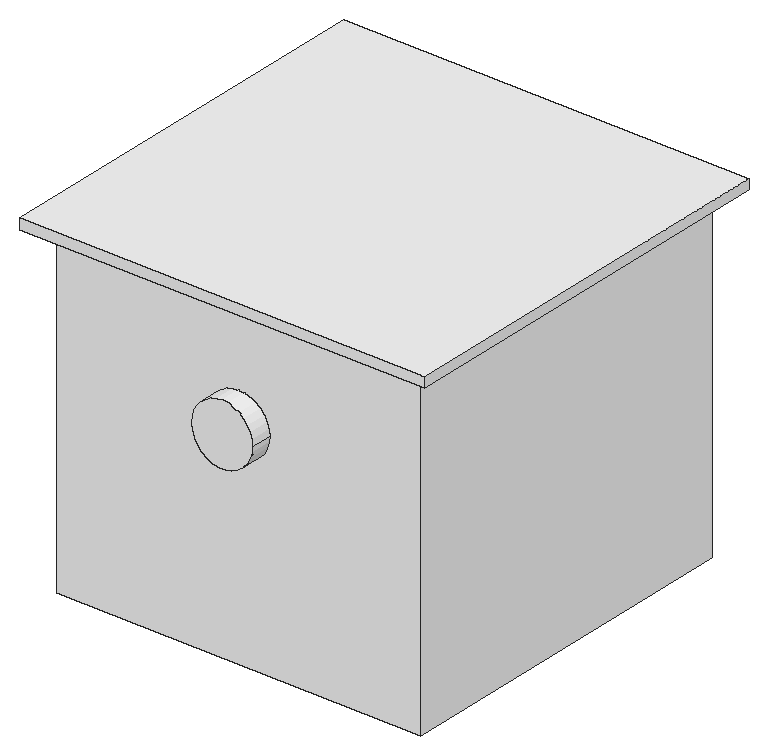
Revit family "Plumbing Fixture-Grease_Interseptor_Mifab_MI-SOLID-L", category Plumbing Fixtures, host Face, Revit 2013
Parameters
  Water Capacity = "6.28 Gallons"
  WFU = 0
  URL = "www.mifab.com"
  Model = "MI-SOLID-L"
  Manufacturer = "MIFAB"
  Interceptor Material = Acid Resistant Epoxy Coated Green
  Grease Capacity = "70 lbs"
  Flow Rate = "30 GPM"
  Description = "Large Solids Interceptor"
  Default Elevation = 0.000"
  Assembly Code = "D2090300"
Reference planes (in)
  plane 1 "Center (Front/Back)": y = 0
  plane 2: z = 0
  plane 3 "Center (Left/Right)": x = 0
  plane 4: x = -9.875
  plane 5: y = -9.875
  plane 6: y = 9.875
  plane 7: x = 9.875
  plane 8: z = -6
  plane 9: z = -16.5
  plane 10: z = -0.1345
Forms (in)
  Extrusion 1, solid, material "Acid Resistant Epoxy Coated Green" <- "Interceptor Material"
    sketch origin (0, 0, 0) x (1, 0, 0) y (0, 1, 0)
      loop
        line (-9.875, 9.875) -> (-9.875, -9.875) -> (9.875, -9.875) -> (9.875, 9.875) -> (-9.875, 9.875)
    from 0 to -0.5
  Extrusion 2, solid, material "Acid Resistant Epoxy Coated Green" <- "Interceptor Material"
    sketch origin (0, 0, 0) x (1, 0, 0) y (0, 1, 0)
      loop
        line (-8.875, 8.875) -> (-8.875, -8.875) -> (8.875, -8.875) -> (8.875, 8.875) -> (-8.875, 8.875)
    from 0 to -16.5
  Extrusion 3, solid, material "Acid Resistant Epoxy Coated Green" <- "Interceptor Material"
    sketch origin (0, 0, 0) x (1, 0, 0) y (0, 0, 1)
      loop
        circle (0, -6) r 1.5
    from 0 to 9.875
  Extrusion 4, solid, material "Acid Resistant Epoxy Coated Green" <- "Interceptor Material"
    sketch origin (0, 0, 0) x (1, 0, 0) y (0, 0, 1)
      loop
        circle (0, -12.5) r 1.5
    from 0 to -9.875
Cuts and joins
  joined: Extrusion 1, Extrusion 2, Extrusion 3, Extrusion 4
Lines and regions (in)
  symbolic lines
    curve 1: line (-9.875, 9.875, 0) -> (9.875, 9.875, 0)
    curve 2: line (-9.875, -9.875, 0) -> (-9.875, 9.875, 0)
    curve 3: line (9.875, -9.875, 0) -> (-9.875, -9.875, 0)
    curve 4: line (9.875, 9.875, 0) -> (9.875, -9.875, 0)
Dimensions and locks (in)
  equal spacing: plane 4, plane 3 "Center (Left/Right)", plane 7
  equal spacing: plane 6, plane 1 "Center (Front/Back)", plane 5
  equal spacing: Extrusion 2 sketch curve, plane 3 "Center (Left/Right)", Extrusion 2 sketch curve
  equal spacing: Extrusion 2 sketch curve, plane 1 "Center (Front/Back)", Extrusion 2 sketch curve
  Extrusion 2 sketch curve to plane 6 = 1.000"
  plane 4 to Extrusion 2 sketch curve = 1.000"
  locked: host face to plane 10 at 0.1345
  locked: plane 6 to plane 5 at 19.75
  locked: plane 4 to plane 7 at 19.75
  locked: host face to plane 8 at 6
  host face to Extrusion 4 sketch curve = 12.500"
  locked: host face to plane 9 at 16.5
  diameter of Extrusion 4 sketch curve = 3.000"
  diameter of cut or joined group of Extrusion 1, Extrusion 2, Extrusion 3, Extrusion 4 = 3.000"
  aligned and locked: plane 2 to host face
  aligned and locked: level to host face
  aligned and locked: Extrusion 1 sketch curve to plane 6
  aligned and locked: plane 4 to Extrusion 1 sketch curve
  aligned and locked: plane 5 to Extrusion 1 sketch curve
  aligned and locked: Extrusion 1 sketch curve to plane 7
  aligned and locked: Extrusion 3 to plane 5
  aligned and locked: Extrusion 3 to cut or joined group of Extrusion 1, Extrusion 2, Extrusion 3, Extrusion 4
  aligned and locked: Extrusion 3 to plane 1 "Center (Front/Back)"
  aligned and locked: plane 6 to Extrusion 4
  aligned and locked: curve 1 to plane 6
  aligned and locked: plane 4 to curve 2
  aligned and locked: plane 5 to curve 3
  aligned and locked: curve 4 to plane 7
Automatic sketch dimensions
  host sketch curve to host sketch curve = 44.23313"
  host sketch curve to host sketch curve = 44.24739"
  Extrusion 3 sketch curve to plane 3 "Center (Left/Right)" = 0.000"
  Extrusion 3 sketch curve to plane 8 = 0.000"
  Extrusion 4 sketch curve to plane 3 "Center (Left/Right)" = 0.000"
  radius of Extrusion 3 sketch curve = 1.500"
Connectors (in)
  piping at (0, -9.875, -6)
    settings: on cut or joined group of Extrusion 1, Extrusion 2, Extrusion 3, Extrusion 4, index 2, connector radius 1 1/2", flow factor 0, pipe flow 0 GPM, pressure drop 0.00 psi, fitting loss kfactor 0, connector angle 0.00°, fixture units 0, engagement length 0.000", flow configuration 0, flow direction 2, fitting loss method 0, system type 16, joint type 0, gender type 0, connector reference index -1, connector utility 0, adjustable connector no, is connector primary yes, fitting loss table "", connector description "Out"
  piping at (0, 9.875, -12.5)
    settings: on cut or joined group of Extrusion 1, Extrusion 2, Extrusion 3, Extrusion 4, index 3, connector radius 1 1/2", flow factor 0, pipe flow 0 GPM, pressure drop 0.00 psi, fitting loss kfactor 0, connector angle 0.00°, fixture units 0, engagement length 0.000", flow configuration 0, flow direction 1, fitting loss method 0, system type 16, joint type 0, gender type 0, connector reference index -1, connector utility 0, adjustable connector no, is connector primary no, fitting loss table "", connector description "In"
